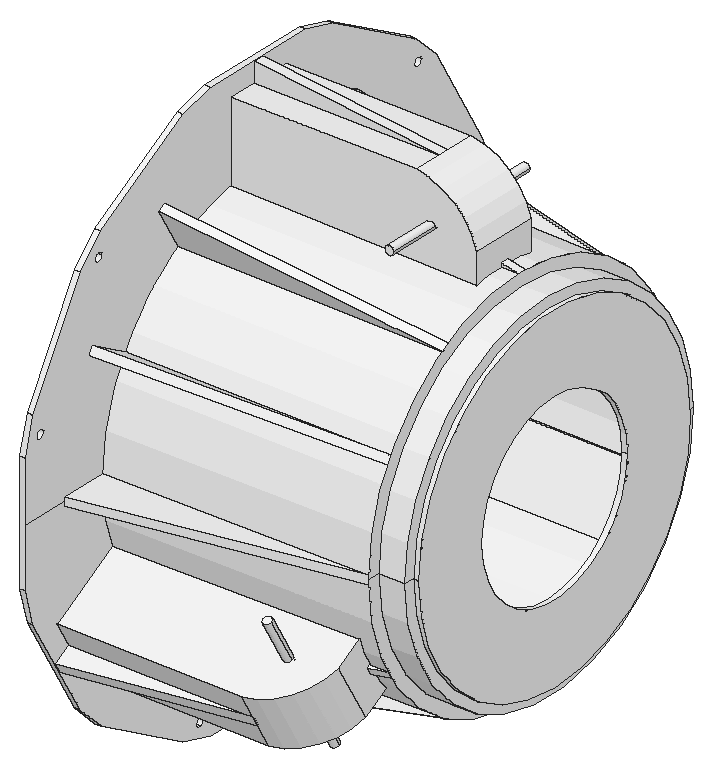
Revit family "L100-65S", category Pipe Accessories, Revit 2016
Family settings
  Part Type = Breaks Into
  Round Connector Dimension = Use Diameter
  Work Plane-Based = No
  Always vertical = No
  Cut with Voids When Loaded = No
  Shared = No
Parameters
  URL = "http://www.snapcollars.com"
  Model = "L65S-RR"
  Manufacturer = "Snap Fire Systems"
  Description = "The L65S-RR is a high-top, cast-in fire collar for concrete slabs 150mm and thicker."
Reference planes
  plane 1 "Center (Front/Back)": y = 0
  plane 2: z = 0
  plane 3 "Center (Left/Right)": x = -165
  plane 4: x = -230
  plane 5: x = -176.254
  plane 6: y = 90.593
  plane 7: y = -50
  plane 8: y = 100.593
  plane 9: y = -60
  plane 10: x = -195.933
  plane 11: x = -79.975
Forms (mm)
  Revolve 1, solid, material "PVC-White", detail levels medium+fine
    sketch origin (0, 0, 0) x (1, 0, 0) y (0, 1, 0)
      loop
        line (-227.967, -69.144) -> (-134.479, -68.001) -> (-134.479, -63.623) -> (-125, -63.623) -> (-125, -59.868) -> (-141.666, -59.594) -> (-141.666, -63.997) -> (-230, -65.169) -> (-230, -105) -> (-227.967, -105) -> (-227.967, -69.144)
      axis (-230, 0) -> (-125, 0)
    angle from 0 to 360
  Extrusion 2, void
    sketch origin (-227.967, 0, 0) x (0, 1, 0) y (0, 0, -1)
      loop
        line (-27.564, -102.871) -> (27.564, -102.871) -> (75.307, -75.307) -> (102.871, -27.564) -> (102.871, 27.564) -> (75.307, 75.307) -> (27.564, 102.871) -> (-27.564, 102.871) -> (-75.307, 75.307) -> (-102.871, 27.564) -> (-102.871, -27.564) -> (-75.307, -75.307) -> (-27.564, -102.871)
      loop
        circle (0, 0) r 118.785
    from 0 to 2.033
  Extrusion 3, void
    sketch origin (-227.967, 0, 0) x (0, 1, 0) y (0, 0, -1)
      loop
        circle (-70.697, -70.697) r 1.577
      loop
        circle (-96.574, -25.877) r 1.577
      loop
        circle (96.571, -25.888) r 1.577
      loop
        circle (70.689, -70.705) r 1.577
      loop
        circle (-25.877, 96.574) r 1.577
      loop
        circle (25.877, 96.574) r 1.577
    from 0 to 2.033
  Extrusion 4, solid, material "PVC-White", detail levels fine
    sketch origin (0, 0, 0) x (1, 0, 0) y (0, 0, 1)
      loop
        line (-134.479, 68.001) -> (-227.967, 86.048) -> (-227.967, 69.12) -> (-134.479, 68.001)
    from -1.5 to 1.5
  Extrusion 5, solid, material "PVC-White", detail levels medium+fine
    sketch origin (0, 0, 0) x (1, 0, 0) y (0, 0, 1)
      loop
        line (-227.967, 58.439) -> (-140.967, 58.439) -> (-140.967, 77.244)
        arc (-140.967, 77.244) -> (-148.679, 90.01) -> (-162.316, 96.048) r 24.811
        line (-162.316, 96.048) -> (-227.967, 96.048) -> (-227.967, 58.439)
    from -12 to 12
  Extrusion 6, solid, material "PVC-White", detail levels medium+fine
    sketch origin (0, 0, 0) x (1, 0, 0) y (0, -0.866025, -0.5)
      loop
        line (-227.967, 58.439) -> (-140.967, 58.439) -> (-140.967, 77.244)
        arc (-140.967, 77.244) -> (-148.679, 90.01) -> (-162.316, 96.048) r 24.811
        line (-162.316, 96.048) -> (-227.967, 96.048) -> (-227.967, 58.439)
    from -12 to 12
  Extrusion 7, solid, material "PVC-White", detail levels medium+fine
    sketch origin (0, 0, 0) x (1, 0, 0) y (0, 0.866025, -0.5)
      loop
        line (-227.967, 58.439) -> (-140.967, 58.439) -> (-140.967, 77.244)
        arc (-140.967, 77.244) -> (-148.679, 90.01) -> (-162.316, 96.048) r 24.811
        line (-162.316, 96.048) -> (-227.967, 96.048) -> (-227.967, 58.439)
    from -12 to 12
  Extrusion 8, solid, material "PVC-White", detail levels fine
    sketch origin (0, 0, 0) x (1, 0, 0) y (0, 0, 1)
      loop
        line (-227.967, 102.871) -> (-227.967, 96.048) -> (-162.316, 96.048) -> (-227.967, 102.871)
    from -2 to 2
  Extrusion 9, solid, material "PVC-White", detail levels fine
    sketch origin (0, 0, 0) x (1, 0, 0) y (0, 0.866025, -0.5)
      loop
        line (-227.967, 102.871) -> (-227.967, 96.048) -> (-162.316, 96.048) -> (-227.967, 102.871)
    from -2 to 2
  Extrusion 10, solid, material "PVC-White", detail levels fine
    sketch origin (0, 0, 0) x (1, 0, 0) y (0, -0.866025, -0.5)
      loop
        line (-227.967, 102.871) -> (-227.967, 96.048) -> (-162.316, 96.048) -> (-227.967, 102.871)
    from -2 to 2
  Extrusion 11, solid, material "PVC-White", not visible, detail levels fine
    sketch origin (0, 0, 0) x (1, 0, 0) y (0, 0, 1)
      loop
        line (-80, 60.418) -> (-227.967, 86.048) -> (-227.967, 69.12) -> (-80, 60.418)
    from -1.5 to 1.5
  Extrusion 12, solid, material "PVC-White", not visible, detail levels fine
    sketch origin (0, 0, 0) x (1, 0, 0) y (0, -0.5, 0.866025)
      loop
        line (-80, 60.418) -> (-227.967, 86.048) -> (-227.967, 69.12) -> (-80, 60.418)
    from -1.5 to 1.5
  Extrusion 13, solid, material "PVC-White", not visible, detail levels fine
    sketch origin (0, 0, 0) x (1, 0, 0) y (0, -0.866025, 0.5)
      loop
        line (-80, 60.418) -> (-227.967, 86.048) -> (-227.967, 69.12) -> (-80, 60.418)
    from -1.5 to 1.5
  Extrusion 14, solid, material "PVC-White", not visible, detail levels fine
    sketch origin (0, 0, 0) x (0, -1, 0) y (-1, 0, 0)
      loop
        line (60.418, 80) -> (86.048, 227.967) -> (69.12, 227.967) -> (60.418, 80)
    from -1.5 to 1.5
  Extrusion 15, solid, material "PVC-White", not visible, detail levels fine
    sketch origin (0, 0, 0) x (1, 0, 0) y (0, -0.866025, -0.5)
      loop
        line (-80, 60.418) -> (-227.967, 86.048) -> (-227.967, 69.12) -> (-80, 60.418)
    from -1.5 to 1.5
  Extrusion 16, solid, material "PVC-White", not visible, detail levels fine
    sketch origin (0, 0, 0) x (1, 0, 0) y (0, -0.5, -0.866025)
      loop
        line (-80, 60.418) -> (-227.967, 86.048) -> (-227.967, 69.12) -> (-80, 60.418)
    from -1.5 to 1.5
  Extrusion 17, solid, material "PVC-White", not visible, detail levels fine
    sketch origin (0, 0, 0) x (1, 0, 0) y (0, 0, -1)
      loop
        line (-80, 60.418) -> (-227.967, 86.048) -> (-227.967, 69.12) -> (-80, 60.418)
    from -1.5 to 1.5
  Extrusion 18, solid, material "PVC-White", not visible, detail levels fine
    sketch origin (0, 0, 0) x (1, 0, 0) y (0, 0.5, -0.866025)
      loop
        line (-80, 60.418) -> (-227.967, 86.048) -> (-227.967, 69.12) -> (-80, 60.418)
    from -1.5 to 1.5
  Extrusion 19, solid, material "PVC-White", not visible, detail levels fine
    sketch origin (0, 0, 0) x (1, 0, 0) y (0, 0.866025, -0.5)
      loop
        line (-80, 60.418) -> (-227.967, 86.048) -> (-227.967, 69.12) -> (-80, 60.418)
    from -1.5 to 1.5
  Extrusion 20, solid, material "PVC-White", not visible, detail levels fine
    sketch origin (0, 0, 0) x (1, 0, 0) y (0, 1, 0)
      loop
        line (-80, 60.418) -> (-227.967, 86.048) -> (-227.967, 69.12) -> (-80, 60.418)
    from -1.5 to 1.5
  Extrusion 21, solid, material "PVC-White", not visible, detail levels fine
    sketch origin (0, 0, 0) x (1, 0, 0) y (0, 0.866025, 0.5)
      loop
        line (-80, 60.418) -> (-227.967, 86.048) -> (-227.967, 69.12) -> (-80, 60.418)
    from -1.5 to 1.5
  Extrusion 22, solid, material "PVC-White", not visible, detail levels fine
    sketch origin (0, 0, 0) x (1, 0, 0) y (0, 0.5, 0.866025)
      loop
        line (-80, 60.418) -> (-227.967, 86.048) -> (-227.967, 69.12) -> (-80, 60.418)
    from -1.5 to 1.5
  Extrusion 23, solid, material "PVC-White", detail levels fine
    sketch origin (0, 0, 0) x (1, 0, 0) y (0, 0, 1)
      loop
        circle (-157.362, 79.878) r 1.5
    from -30 to 30
  Extrusion 24, solid, material "PVC-White", detail levels fine
    sketch origin (0, 0, 0) x (1, 0, 0) y (0, 0.866025, -0.5)
      loop
        circle (-157.362, 79.878) r 1.5
    from -30 to 30
  Extrusion 25, solid, material "PVC-White", detail levels fine
    sketch origin (0, 0, 0) x (1, 0, 0) y (0, -0.866025, -0.5)
      loop
        circle (-157.362, 79.878) r 1.5
    from -30 to 30
  Extrusion 26, solid, material "PVC-White", detail levels fine
    sketch origin (0, 0, 0) x (1, 0, 0) y (0, 0.5, 0.866025)
      loop
        line (-134.479, 68.001) -> (-227.967, 86.048) -> (-227.967, 69.12) -> (-134.479, 68.001)
    from -1.5 to 1.5
  Extrusion 27, solid, material "PVC-White", detail levels fine
    sketch origin (0, 0, 0) x (1, 0, 0) y (0, 0.866025, 0.5)
      loop
        line (-134.479, 68.001) -> (-227.967, 86.048) -> (-227.967, 69.12) -> (-134.479, 68.001)
    from -1.5 to 1.5
  Extrusion 28, solid, material "PVC-White", detail levels fine
    sketch origin (0, 0, 0) x (1, 0, 0) y (0, 1, 0)
      loop
        line (-134.479, 68.001) -> (-227.967, 86.048) -> (-227.967, 69.12) -> (-134.479, 68.001)
    from -1.5 to 1.5
  Extrusion 29, solid, material "PVC-White", detail levels fine
    sketch origin (0, 0, 0) x (1, 0, 0) y (0, 0.866025, -0.5)
      loop
        line (-134.479, 68.001) -> (-227.967, 86.048) -> (-227.967, 69.12) -> (-134.479, 68.001)
    from -1.5 to 1.5
  Extrusion 30, solid, material "PVC-White", detail levels fine
    sketch origin (0, 0, 0) x (1, 0, 0) y (0, 0.5, -0.866025)
      loop
        line (-134.479, 68.001) -> (-227.967, 86.048) -> (-227.967, 69.12) -> (-134.479, 68.001)
    from -1.5 to 1.5
  Extrusion 31, solid, material "PVC-White", detail levels fine
    sketch origin (0, 0, 0) x (1, 0, 0) y (0, 0, -1)
      loop
        line (-134.479, 68.001) -> (-227.967, 86.048) -> (-227.967, 69.12) -> (-134.479, 68.001)
    from -1.5 to 1.5
  Extrusion 32, solid, material "PVC-White", detail levels fine
    sketch origin (0, 0, 0) x (1, 0, 0) y (0, -0.5, -0.866025)
      loop
        line (-134.479, 68.001) -> (-227.967, 86.048) -> (-227.967, 69.12) -> (-134.479, 68.001)
    from -1.5 to 1.5
  Extrusion 33, solid, material "PVC-White", detail levels fine
    sketch origin (0, 0, 0) x (1, 0, 0) y (0, -0.866025, -0.5)
      loop
        line (-134.479, 68.001) -> (-227.967, 86.048) -> (-227.967, 69.12) -> (-134.479, 68.001)
    from -1.5 to 1.5
  Extrusion 34, solid, material "PVC-White", detail levels fine
    sketch origin (0, 0, 0) x (0, -1, 0) y (-1, 0, 0)
      loop
        line (68.001, 134.479) -> (86.048, 227.967) -> (69.12, 227.967) -> (68.001, 134.479)
    from -1.5 to 1.5
  Extrusion 35, solid, material "PVC-White", detail levels fine
    sketch origin (0, 0, 0) x (1, 0, 0) y (0, -0.866025, 0.5)
      loop
        line (-134.479, 68.001) -> (-227.967, 86.048) -> (-227.967, 69.12) -> (-134.479, 68.001)
    from -1.5 to 1.5
  Extrusion 36, solid, material "PVC-White", detail levels fine
    sketch origin (0, 0, 0) x (1, 0, 0) y (0, -0.5, 0.866025)
      loop
        line (-134.479, 68.001) -> (-227.967, 86.048) -> (-227.967, 69.12) -> (-134.479, 68.001)
    from -1.5 to 1.5
  Extrusion 37, solid, material "PVC-White"
    sketch origin (-125, 0, 0) x (0, -1, 0) y (0, 0, -1)
      loop
        circle (0, 0) r 32.5
      loop
        circle (0, 0) r 60
    from 0 to 2
Cuts and joins
  joined: Extrusion 5, Extrusion 6, Extrusion 7
  Extrusion 2, Extrusion 3 cuts Revolve 1
Dimensions and locks
  Extrusion 11 sketch curve to Extrusion 11 sketch curve = 0 mm
  Extrusion 12 sketch curve to Extrusion 12 sketch curve = 0 mm
  Extrusion 13 sketch curve to Extrusion 13 sketch curve = 0 mm
  Extrusion 14 sketch curve to Extrusion 14 sketch curve = 0 mm
  Extrusion 15 sketch curve to Extrusion 15 sketch curve = 0 mm
  Extrusion 16 sketch curve to Extrusion 16 sketch curve = 0 mm
  Extrusion 17 sketch curve to Extrusion 17 sketch curve = 0 mm
  Extrusion 18 sketch curve to Extrusion 18 sketch curve = 0 mm
  Extrusion 19 sketch curve to Extrusion 19 sketch curve = 0 mm
  Extrusion 20 sketch curve to Extrusion 20 sketch curve = 0 mm
  Extrusion 21 sketch curve to Extrusion 21 sketch curve = 0 mm
  Extrusion 22 sketch curve to Extrusion 22 sketch curve = 0 mm
  aligned and locked: level to plane 2
  aligned and locked: plane 1 "Center (Front/Back)" to Revolve 1 sketch curve
Connectors
  piping at (-195.933, 0, 0), diameter 65
    settings: on plane 10, index 4, connector inside diameter 609.6 mm, connector length 0 mm, flow factor 0, pipe flow 0.0 L/s, pressure drop 0.0 Pa, fitting loss kfactor 0, connector angle 0.00°, fixture units 0, engagement length 0 mm, angle of deflection 0.00°, flow configuration 0, flow direction 0, fitting loss method 0, system type 7, joint type 0, gender type 0, connector reference index -1, connector utility 0, adjustable connector no, is connector primary yes, connector description ""
  piping at (-176.254, 0, 0), diameter 65
    settings: on plane 5, index 5, connector inside diameter 609.6 mm, connector length 0 mm, flow factor 0, pipe flow 0.0 L/s, pressure drop 0.0 Pa, fitting loss kfactor 0, connector angle 0.00°, fixture units 0, engagement length 0 mm, angle of deflection 0.00°, flow configuration 0, flow direction 0, fitting loss method 0, system type 7, joint type 0, gender type 0, connector reference index -1, connector utility 0, adjustable connector no, is connector primary no, connector description ""
